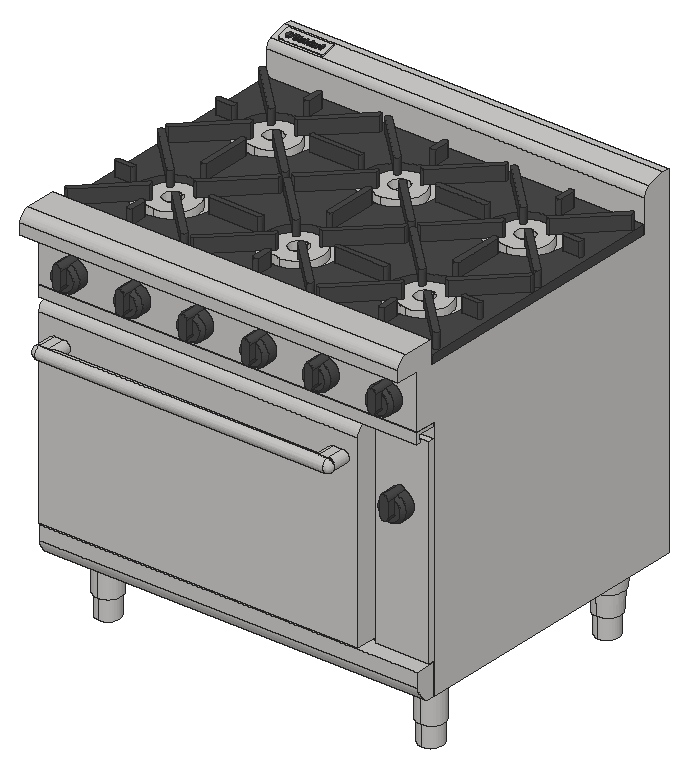
Revit family "QF_MOFFAT WALDORF_RNL8610G", category Specialty Equipment, Revit 2012
Parameters
  Width = 900 mm
  Weight in Pounds = 209
  URL Cutsheet = "www.moffat.com"
  URL = "www.moffat.com"
  Type Mark [instance] = ""
  Status [instance] = ""
  Specification by User [instance] = ""
  Specification by Manufacturer = ""
  Show Clearance [instance] = yes
  Serial Number = ""
  Seismic Rating = ""
  SMACNA No = ""
  Revision Code [instance] = ""
  Omniclass Number and Title = ""
  NAFEM Spec ID Number = ""
  Model = "RNL8610G"
  Mechanical Remarks = ""
  Mechanical Connection Type [instance] = ""
  Masterspec = ""
  Manufacturer = "MOFFAT WALDORF"
  Item Number [instance] = ""
  Installed By [instance] = ""
  Identify Quantity as Lot [instance] = yes
  Height = 970 mm
  Gas Size = 3/4"
  Gas RI Height [instance] = 0 mm
  Gas KW [instance] = 55
  Gas Input [instance] = 187668.0 Btu/h
  Gas Connection Height = 0 mm
  Furnished By [instance] = ""
  Foodservice Equipment Identifier [instance] = yes
  Description = "RANGE LOW SPLASHBACK GAS WITH STATIC OVEN"
  Depth = 805 mm
  CSI MasterFormat = ""
  CSI Master Format = ""
  Body Finish = QF_Finishes_Stainless Steel
Reference planes
  plane 1 "BACK": y = 0
  plane 2: z = 0
  plane 3 "LEFT": x = 0
  plane 4 "RIGHT": x = 900
  plane 5 "FRONT": y = -805
  plane 6 "TOP": z = 970
  plane 7 "Center Y": x = 450
  plane 8 "Center X": y = -402.5
  plane 9: x = 280
  plane 10: y = -574.272
  plane 11: x = 60
  plane 12: y = -304.972
  plane 13: y = -364.972
  plane 14: x = 74
  plane 15: y = -805
  plane 16: x = 834.5
  plane 17: y = -32
  plane 18: z = 655
  plane 19: x = 65.8
Forms (mm)
  Extrusion 1, solid, material "QF_Finishes_Stainless Steel" <- "Body Finish"
    sketch origin (0, 0, 0) x (0, 1, 0) y (0, 0, 1)
      loop
        line (0, 150) -> (0, 970) -> (-16.5, 970) -> (-58.709, 958.69)
        arc (-58.709, 958.69) -> (-66.975, 950.425) -> (-70, 939.134) r 22.582
        line (-70, 939.134) -> (-70, 861.8) -> (-709, 861.8) -> (-709, 915) -> (-781, 915)
        arc (-781, 915) -> (-797.971, 907.971) -> (-805, 891) r 24
        line (-805, 891) -> (-805, 866) -> (-749, 866) -> (-749, 736.219) -> (-696.73, 736.219) -> (-696.73, 150) -> (0, 150)
      loop
        line (-700.93, 150.071) -> (-700.93, 222.5) -> (-746.73, 222.5) -> (-746.73, 188)
        arc (-746.73, 188) -> (-731.317, 159.995) -> (-700.93, 150.071) r 43.526
      loop
        line (-749, 710) -> (-740.224, 710) -> (-742.613, 726.999) -> (-700.93, 726.999) -> (-700.93, 734.003) -> (-749, 734.003) -> (-749, 710)
    from 0 to 900
  Extrusion 2, solid, material "QF_Finishes_Stainless Steel"
    sketch origin (0, 0, 0) x (0, 1, 0) y (0, 0, 1)
      loop
        line (-699, 700) -> (-725, 700)
        arc (-725, 700) -> (-741.971, 692.971) -> (-749, 676) r 24
        line (-749, 676) -> (-749, 227.5) -> (-699, 227.5) -> (-699, 700)
    from 0 to 760
  Extrusion 3, solid, material "QF_Finishes_Stainless Steel"
    sketch origin (723.5, 0, 0) x (0, 1, 0) y (0, 0, 1)
      loop
        line (-699, 700) -> (-714, 700) -> (-714, 227.5) -> (-699, 227.5) -> (-699, 700)
    from 51.5 to 176.5
  Revolve 4, solid, material "QF_Finishes_Stainless Steel" <- "Body Finish"
    sketch origin (834.5, -165, 0) x (0, 1, 0) y (0, 0, -1)
      loop
        line (33.25, -50) -> (31.418, -102.468) -> (26.406, -102.468) -> (22.247, -150) -> (65, -150) -> (65, 0) -> (37.5, 0) -> (37.5, -50) -> (33.25, -50)
      axis (65, -150) -> (65, 0)
    angle from 0 to 360
  Revolve 5, solid, material "QF_Finishes_Stainless Steel" <- "Body Finish"
    sketch origin (834.5, -696.126, 0) x (0, 1, 0) y (0, 0, -1)
      loop
        line (39.376, -150) -> (71.126, -150) -> (71.126, 0) -> (43.626, 0) -> (43.626, -50) -> (39.376, -50) -> (39.376, -150)
      axis (71.126, -150) -> (71.126, 0)
    angle from 0 to 360
  Revolve 6, solid, material "QF_Finishes_Stainless Steel" <- "Body Finish"
    sketch origin (65.5, -165, 0) x (0, 1, 0) y (0, 0, 1)
      loop
        line (31.418, 102.468) -> (33.25, 50) -> (37.5, 50) -> (37.5, 0) -> (65, 0) -> (65, 150) -> (22.247, 150) -> (26.406, 102.468) -> (31.418, 102.468)
      axis (65, 150) -> (65, 0)
    angle from 0 to 360
  Revolve 7, solid, material "QF_Finishes_Stainless Steel" <- "Body Finish"
    sketch origin (65.5, -696.126, 0) x (0, 1, 0) y (0, 0, 1)
      loop
        line (39.376, 150) -> (39.376, 50) -> (43.626, 50) -> (43.626, 0) -> (71.126, 0) -> (71.126, 150) -> (39.376, 150)
      axis (71.126, 150) -> (71.126, 0)
    angle from 0 to 360
  Extrusion 8, solid, material "QF_Finishes_Stainless Steel"
    sketch origin (-64.5, 0, 325) x (1, 0, 0) y (0, 1, 0)
      loop
        circle (834.5, -32) r 10
    from 330 to 371
  Extrusion 9, solid, material "QF_Finishes_Black"
    sketch origin (0, -70, 861.8) x (0, -1, 0) y (1, 0, 0)
      loop
        arc (1, 4) -> (1.879, 1.879) -> (4, 1) r 3
        line (4, 1) -> (631, 1)
        arc (631, 1) -> (633.121, 1.879) -> (634, 4) r 3
        line (634, 4) -> (634, 897)
        arc (634, 897) -> (633.121, 899.121) -> (631, 900) r 3
        line (631, 900) -> (4, 900)
        arc (4, 900) -> (1.879, 899.121) -> (1, 897) r 3
        line (1, 897) -> (1, 4)
      loop
        circle (167.5, 150) r 85
      loop
        circle (167.5, 450) r 85
      loop
        circle (467.768, 150) r 85
      loop
        circle (467.768, 450) r 85
      loop
        circle (167.5, 750) r 85
      loop
        circle (467.768, 750) r 85
    from 0 to 19.5
  Revolve 10, solid, material "QF_Finishes_Black"
    sketch origin (839.351, 38.874, -0.118) x (0, 1, 0) y (0, 0, 1)
      loop
        line (-820.874, 829.5) -> (-831.874, 823.651) -> (-831.874, 797) -> (-787.874, 797) -> (-787.874, 802) -> (-797.874, 802) -> (-797.874, 829.5) -> (-820.874, 829.5)
      axis (-831.874, 797) -> (-787.874, 797)
    angle from 0 to 360
  Revolve 11, solid, material "QF_Finishes_Black"
    sketch origin (689.351, 38.874, -0.118) x (0, 1, 0) y (0, 0, 1)
      loop
        line (-820.874, 829.5) -> (-831.874, 823.651) -> (-831.874, 797) -> (-787.874, 797) -> (-787.874, 802) -> (-797.874, 802) -> (-797.874, 829.5) -> (-820.874, 829.5)
      axis (-831.874, 797) -> (-787.874, 797)
    angle from 0 to 360
  Revolve 12, solid, material "QF_Finishes_Black"
    sketch origin (90.649, 38.874, -0.118) x (0, 1, 0) y (0, 0, -1)
      loop
        line (-820.874, -829.5) -> (-797.874, -829.5) -> (-797.874, -802) -> (-787.874, -802) -> (-787.874, -797) -> (-831.874, -797) -> (-831.874, -823.651) -> (-820.874, -829.5)
      axis (-831.874, -797) -> (-787.874, -797)
    angle from 0 to 360
  Revolve 13, solid, material "QF_Finishes_Black"
    sketch origin (240.649, 38.874, -0.118) x (0, 1, 0) y (0, 0, -1)
      loop
        line (-820.874, -829.5) -> (-797.874, -829.5) -> (-797.874, -802) -> (-787.874, -802) -> (-787.874, -797) -> (-831.874, -797) -> (-831.874, -823.651) -> (-820.874, -829.5)
      axis (-831.874, -797) -> (-787.874, -797)
    angle from 0 to 360
  Revolve 14, solid, material "QF_Finishes_Black"
    sketch origin (390.625, 38.874, -0.118) x (0, 1, 0) y (0, 0, -1)
      loop
        line (-820.874, -829.5) -> (-797.874, -829.5) -> (-797.874, -802) -> (-787.874, -802) -> (-787.874, -797) -> (-831.874, -797) -> (-831.874, -823.651) -> (-820.874, -829.5)
      axis (-831.874, -797) -> (-787.874, -797)
    angle from 0 to 360
  Extrusion 15, solid, material "QF_Finishes_Black"
    sketch origin (238.456, 0, -0.118) x (-1, 0, 0) y (0, 0, -1)
      loop
        arc (158.3, -789) -> (148.3, -779) -> (138.3, -789) r 10
        line (138.3, -789) -> (138.3, -824)
        arc (138.3, -824) -> (148.3, -834) -> (158.3, -824) r 10
        line (158.3, -824) -> (158.3, -789)
    from 759 to 808
  Extrusion 16, solid, material "QF_Finishes_Black"
    sketch origin (388.456, 0, -0.118) x (-1, 0, 0) y (0, 0, -1)
      loop
        arc (158.3, -789) -> (148.3, -779) -> (138.3, -789) r 10
        line (138.3, -789) -> (138.3, -824)
        arc (138.3, -824) -> (148.3, -834) -> (158.3, -824) r 10
        line (158.3, -824) -> (158.3, -789)
    from 759 to 808
  Extrusion 17, solid, material "QF_Finishes_Black"
    sketch origin (691.544, 0, -0.118) x (1, 0, 0) y (0, 0, 1)
      loop
        line (158.3, 789) -> (158.3, 824)
        arc (158.3, 824) -> (148.3, 834) -> (138.3, 824) r 10
        line (138.3, 824) -> (138.3, 789)
        arc (138.3, 789) -> (148.3, 779) -> (158.3, 789) r 10
    from 759 to 808
  Extrusion 18, solid, material "QF_Finishes_Black"
    sketch origin (541.544, 0, -0.118) x (1, 0, 0) y (0, 0, 1)
      loop
        line (158.3, 789) -> (158.3, 824)
        arc (158.3, 824) -> (148.3, 834) -> (138.3, 824) r 10
        line (138.3, 824) -> (138.3, 789)
        arc (138.3, 789) -> (148.3, 779) -> (158.3, 789) r 10
    from 759 to 808
  Extrusion 19, solid, material "QF_Finishes_Black"
    sketch origin (538.432, 0, -0.118) x (-1, 0, 0) y (0, 0, -1)
      loop
        arc (158.3, -789) -> (148.3, -779) -> (138.3, -789) r 10
        line (138.3, -789) -> (138.3, -824)
        arc (138.3, -824) -> (148.3, -834) -> (158.3, -824) r 10
        line (158.3, -824) -> (158.3, -789)
    from 759 to 808
  Extrusion 20, solid, material "QF_Finishes_Black"
    sketch origin (688.432, 0, -0.118) x (-1, 0, 0) y (0, 0, -1)
      loop
        arc (158.3, -789) -> (148.3, -779) -> (138.3, -789) r 10
        line (138.3, -789) -> (138.3, -824)
        arc (138.3, -824) -> (148.3, -834) -> (158.3, -824) r 10
        line (158.3, -824) -> (158.3, -789)
    from 759 to 808
  Revolve 21, solid, material "QF_Finishes_Black"
    sketch origin (836.851, 78.874, -245.743) x (0, 1, 0) y (0, 0, 1)
      loop
        line (-820.874, 829.5) -> (-831.874, 823.651) -> (-831.874, 797) -> (-787.874, 797) -> (-787.874, 802) -> (-797.874, 802) -> (-797.874, 829.5) -> (-820.874, 829.5)
      axis (-831.874, 797) -> (-787.874, 797)
    angle from 0 to 360
  Extrusion 22, solid, material "QF_Finishes_Black"
    sketch origin (689.044, 40, -245.743) x (1, 0, 0) y (0, 0, 1)
      loop
        line (158.3, 789) -> (158.3, 824)
        arc (158.3, 824) -> (148.3, 834) -> (138.3, 824) r 10
        line (138.3, 824) -> (138.3, 789)
        arc (138.3, 789) -> (148.3, 779) -> (158.3, 789) r 10
    from 759 to 808
  Extrusion 23, solid, material "QF_Door-Drawer Clearances", visible <- "Show Clearance", detail levels coarse
    sketch origin (0, 0, 0) x (0, -1, 0) y (0, 0, 1)
      loop
        line (749, 697.347) -> (749, 227.5) -> (1218.847, 227.5)
        arc (1218.847, 227.5) -> (1081.232, 559.732) -> (749, 697.347) r 469.847
    from 0 to -760
  Extrusion 24, solid, material "QF_Finishes_Black"
    sketch origin (0, -70, 0) x (0, -1, 0) y (1, 0, 0)
      loop
        spline (323.602, 15.153) -> (322.681, 13.924) -> (322.131, 12.47) -> (321.99, 10.89) -> (322.267, 9.292) -> (322.943, 7.786) -> (323.973, 6.473) -> (325.286, 5.443) -> (326.792, 4.767) -> (328.39, 4.49) -> (329.97, 4.631) -> (331.424, 5.181) -> (332.653, 6.102)
        line (332.653, 6.102) -> (440.576, 114.025)
        spline (440.576, 114.025) -> (441.337, 115.095) -> (441.738, 116.399) -> (441.751, 117.851) -> (441.375, 119.35) -> (440.637, 120.795) -> (439.586, 122.086) -> (438.295, 123.137) -> (436.85, 123.875) -> (435.351, 124.251) -> (433.899, 124.238) -> (432.595, 123.837) -> (431.525, 123.076)
        line (431.525, 123.076) -> (323.602, 15.153)
      loop
        line (611.398, 15.153) -> (503.475, 123.076)
        spline (503.475, 123.076) -> (502.405, 123.837) -> (501.101, 124.238) -> (499.649, 124.251) -> (498.15, 123.875) -> (496.705, 123.137) -> (495.414, 122.086) -> (494.363, 120.795) -> (493.625, 119.35) -> (493.249, 117.851) -> (493.262, 116.399) -> (493.663, 115.095) -> (494.424, 114.025)
        line (494.424, 114.025) -> (602.347, 6.102)
        spline (602.347, 6.102) -> (603.416, 5.341) -> (604.721, 4.941) -> (606.172, 4.928) -> (607.671, 5.303) -> (609.116, 6.041) -> (610.408, 7.092) -> (611.459, 8.384) -> (612.197, 9.829) -> (612.572, 11.328) -> (612.559, 12.779) -> (612.159, 14.084) -> (611.398, 15.153)
      loop
        spline (375.602, 143.6) -> (376.896, 143.818) -> (378.102, 144.457) -> (379.138, 145.475) -> (379.932, 146.8) -> (380.432, 148.344) -> (380.602, 150) -> (380.432, 151.656) -> (379.932, 153.2) -> (379.138, 154.525) -> (378.102, 155.543) -> (376.896, 156.182) -> (375.602, 156.4)
        line (375.602, 156.4) -> (259.398, 156.4)
        spline (259.398, 156.4) -> (258.104, 156.182) -> (256.898, 155.543) -> (255.862, 154.525) -> (255.068, 153.2) -> (254.568, 151.656) -> (254.398, 150) -> (254.568, 148.344) -> (255.068, 146.8) -> (255.862, 145.475) -> (256.898, 144.457) -> (258.104, 143.818) -> (259.398, 143.6)
        line (259.398, 143.6) -> (375.602, 143.6)
      loop
        spline (23.602, 15.153) -> (22.681, 13.924) -> (22.131, 12.47) -> (21.99, 10.89) -> (22.267, 9.292) -> (22.943, 7.786) -> (23.973, 6.473) -> (25.286, 5.443) -> (26.792, 4.767) -> (28.39, 4.49) -> (29.97, 4.631) -> (31.424, 5.181) -> (32.653, 6.102)
        line (32.653, 6.102) -> (140.576, 114.025)
        spline (140.576, 114.025) -> (141.337, 115.095) -> (141.738, 116.399) -> (141.751, 117.851) -> (141.375, 119.35) -> (140.637, 120.795) -> (139.586, 122.086) -> (138.295, 123.137) -> (136.85, 123.875) -> (135.351, 124.251) -> (133.899, 124.238) -> (132.595, 123.837) -> (131.525, 123.076)
        line (131.525, 123.076) -> (23.602, 15.153)
      loop
        line (311.398, 15.153) -> (203.475, 123.076)
        spline (203.475, 123.076) -> (202.405, 123.837) -> (201.101, 124.238) -> (199.649, 124.251) -> (198.15, 123.875) -> (196.705, 123.137) -> (195.414, 122.086) -> (194.363, 120.795) -> (193.625, 119.35) -> (193.249, 117.851) -> (193.262, 116.399) -> (193.663, 115.095) -> (194.424, 114.025)
        line (194.424, 114.025) -> (302.347, 6.102)
        spline (302.347, 6.102) -> (303.416, 5.341) -> (304.721, 4.941) -> (306.172, 4.928) -> (307.671, 5.303) -> (309.116, 6.041) -> (310.408, 7.092) -> (311.459, 8.384) -> (312.197, 9.829) -> (312.572, 11.328) -> (312.559, 12.779) -> (312.159, 14.084) -> (311.398, 15.153)
      loop
        line (323.602, 284.847) -> (431.525, 176.924)
        spline (431.525, 176.924) -> (432.595, 176.163) -> (433.899, 175.762) -> (435.351, 175.749) -> (436.85, 176.125) -> (438.295, 176.863) -> (439.586, 177.914) -> (440.637, 179.205) -> (441.375, 180.65) -> (441.751, 182.149) -> (441.738, 183.601) -> (441.337, 184.905) -> (440.576, 185.975)
        line (440.576, 185.975) -> (332.653, 293.898)
        spline (332.653, 293.898) -> (331.424, 294.819) -> (329.97, 295.369) -> (328.39, 295.51) -> (326.792, 295.233) -> (325.286, 294.557) -> (323.973, 293.527) -> (322.943, 292.214) -> (322.267, 290.708) -> (321.99, 289.11) -> (322.131, 287.53) -> (322.681, 286.076) -> (323.602, 284.847)
      loop
        spline (611.398, 284.847) -> (612.159, 285.916) -> (612.559, 287.221) -> (612.572, 288.672) -> (612.197, 290.171) -> (611.459, 291.616) -> (610.408, 292.908) -> (609.116, 293.959) -> (607.671, 294.697) -> (606.172, 295.072) -> (604.721, 295.059) -> (603.416, 294.659) -> (602.347, 293.898)
        line (602.347, 293.898) -> (494.424, 185.975)
        spline (494.424, 185.975) -> (493.663, 184.905) -> (493.262, 183.601) -> (493.249, 182.149) -> (493.625, 180.65) -> (494.363, 179.205) -> (495.414, 177.914) -> (496.705, 176.863) -> (498.15, 176.125) -> (499.649, 175.749) -> (501.101, 175.762) -> (502.405, 176.163) -> (503.475, 176.924)
        line (503.475, 176.924) -> (611.398, 284.847)
      loop
        spline (461.1, 241.898) -> (461.318, 240.604) -> (461.957, 239.398) -> (462.975, 238.362) -> (464.3, 237.568) -> (465.844, 237.068) -> (467.5, 236.898) -> (469.156, 237.068) -> (470.7, 237.568) -> (472.025, 238.362) -> (473.043, 239.398) -> (473.682, 240.604) -> (473.9, 241.898)
        line (473.9, 241.898) -> (473.9, 358.102)
        spline (473.9, 358.102) -> (473.682, 359.396) -> (473.043, 360.602) -> (472.025, 361.638) -> (470.7, 362.432) -> (469.156, 362.932) -> (467.5, 363.102) -> (465.844, 362.932) -> (464.3, 362.432) -> (462.975, 361.638) -> (461.957, 360.602) -> (461.318, 359.396) -> (461.1, 358.102)
        line (461.1, 358.102) -> (461.1, 241.898)
      loop
        line (23.602, 284.847) -> (131.525, 176.924)
        spline (131.525, 176.924) -> (132.595, 176.163) -> (133.899, 175.762) -> (135.351, 175.749) -> (136.85, 176.125) -> (138.295, 176.863) -> (139.586, 177.914) -> (140.637, 179.205) -> (141.375, 180.65) -> (141.751, 182.149) -> (141.738, 183.601) -> (141.337, 184.905) -> (140.576, 185.975)
        line (140.576, 185.975) -> (32.653, 293.898)
        spline (32.653, 293.898) -> (31.424, 294.819) -> (29.97, 295.369) -> (28.39, 295.51) -> (26.792, 295.233) -> (25.286, 294.557) -> (23.973, 293.527) -> (22.943, 292.214) -> (22.267, 290.708) -> (21.99, 289.11) -> (22.131, 287.53) -> (22.681, 286.076) -> (23.602, 284.847)
      loop
        spline (311.398, 284.847) -> (312.159, 285.916) -> (312.559, 287.221) -> (312.572, 288.672) -> (312.197, 290.171) -> (311.459, 291.616) -> (310.408, 292.908) -> (309.116, 293.959) -> (307.671, 294.697) -> (306.172, 295.072) -> (304.721, 295.059) -> (303.416, 294.659) -> (302.347, 293.898)
        line (302.347, 293.898) -> (194.424, 185.975)
        spline (194.424, 185.975) -> (193.663, 184.905) -> (193.262, 183.601) -> (193.249, 182.149) -> (193.625, 180.65) -> (194.363, 179.205) -> (195.414, 177.914) -> (196.705, 176.863) -> (198.15, 176.125) -> (199.649, 175.749) -> (201.101, 175.762) -> (202.405, 176.163) -> (203.475, 176.924)
        line (203.475, 176.924) -> (311.398, 284.847)
      loop
        spline (161.1, 241.898) -> (161.318, 240.604) -> (161.957, 239.398) -> (162.975, 238.362) -> (164.3, 237.568) -> (165.844, 237.068) -> (167.5, 236.898) -> (169.156, 237.068) -> (170.7, 237.568) -> (172.025, 238.362) -> (173.043, 239.398) -> (173.682, 240.604) -> (173.9, 241.898)
        line (173.9, 241.898) -> (173.9, 358.102)
        spline (173.9, 358.102) -> (173.682, 359.396) -> (173.043, 360.602) -> (172.025, 361.638) -> (170.7, 362.432) -> (169.156, 362.932) -> (167.5, 363.102) -> (165.844, 362.932) -> (164.3, 362.432) -> (162.975, 361.638) -> (161.957, 360.602) -> (161.318, 359.396) -> (161.1, 358.102)
        line (161.1, 358.102) -> (161.1, 241.898)
      loop
        line (375.602, 456.4) -> (259.398, 456.4)
        spline (259.398, 456.4) -> (258.104, 456.182) -> (256.898, 455.543) -> (255.862, 454.525) -> (255.068, 453.2) -> (254.568, 451.656) -> (254.398, 450) -> (254.568, 448.344) -> (255.068, 446.8) -> (255.862, 445.475) -> (256.898, 444.457) -> (258.104, 443.818) -> (259.398, 443.6)
        line (259.398, 443.6) -> (375.602, 443.6)
        spline (375.602, 443.6) -> (376.896, 443.818) -> (378.102, 444.457) -> (379.138, 445.475) -> (379.932, 446.8) -> (380.432, 448.344) -> (380.602, 450) -> (380.432, 451.656) -> (379.932, 453.2) -> (379.138, 454.525) -> (378.102, 455.543) -> (376.896, 456.182) -> (375.602, 456.4)
      loop
        spline (323.602, 315.153) -> (322.681, 313.924) -> (322.131, 312.47) -> (321.99, 310.89) -> (322.267, 309.292) -> (322.943, 307.786) -> (323.973, 306.473) -> (325.286, 305.443) -> (326.792, 304.767) -> (328.39, 304.49) -> (329.97, 304.631) -> (331.424, 305.181) -> (332.653, 306.102)
        line (332.653, 306.102) -> (440.576, 414.025)
        spline (440.576, 414.025) -> (441.337, 415.095) -> (441.738, 416.399) -> (441.751, 417.851) -> (441.375, 419.35) -> (440.637, 420.795) -> (439.586, 422.086) -> (438.295, 423.137) -> (436.85, 423.875) -> (435.351, 424.251) -> (433.899, 424.238) -> (432.595, 423.837) -> (431.525, 423.076)
        line (431.525, 423.076) -> (323.602, 315.153)
      loop
        line (611.398, 315.153) -> (503.475, 423.076)
        spline (503.475, 423.076) -> (502.405, 423.837) -> (501.101, 424.238) -> (499.649, 424.251) -> (498.15, 423.875) -> (496.705, 423.137) -> (495.414, 422.086) -> (494.363, 420.795) -> (493.625, 419.35) -> (493.249, 417.851) -> (493.262, 416.399) -> (493.663, 415.095) -> (494.424, 414.025)
        line (494.424, 414.025) -> (602.347, 306.102)
        spline (602.347, 306.102) -> (603.416, 305.341) -> (604.721, 304.941) -> (606.172, 304.928) -> (607.671, 305.303) -> (609.116, 306.041) -> (610.408, 307.092) -> (611.459, 308.384) -> (612.197, 309.829) -> (612.572, 311.328) -> (612.559, 312.779) -> (612.159, 314.084) -> (611.398, 315.153)
      loop
        spline (23.602, 315.153) -> (22.681, 313.924) -> (22.131, 312.47) -> (21.99, 310.89) -> (22.267, 309.292) -> (22.943, 307.786) -> (23.973, 306.473) -> (25.286, 305.443) -> (26.792, 304.767) -> (28.39, 304.49) -> (29.97, 304.631) -> (31.424, 305.181) -> (32.653, 306.102)
        line (32.653, 306.102) -> (140.576, 414.025)
        spline (140.576, 414.025) -> (141.337, 415.095) -> (141.738, 416.399) -> (141.751, 417.851) -> (141.375, 419.35) -> (140.637, 420.795) -> (139.586, 422.086) -> (138.295, 423.137) -> (136.85, 423.875) -> (135.351, 424.251) -> (133.899, 424.238) -> (132.595, 423.837) -> (131.525, 423.076)
        line (131.525, 423.076) -> (23.602, 315.153)
      loop
        line (311.398, 315.153) -> (203.475, 423.076)
        spline (203.475, 423.076) -> (202.405, 423.837) -> (201.101, 424.238) -> (199.649, 424.251) -> (198.15, 423.875) -> (196.705, 423.137) -> (195.414, 422.086) -> (194.363, 420.795) -> (193.625, 419.35) -> (193.249, 417.851) -> (193.262, 416.399) -> (193.663, 415.095) -> (194.424, 414.025)
        line (194.424, 414.025) -> (302.347, 306.102)
        spline (302.347, 306.102) -> (303.416, 305.341) -> (304.721, 304.941) -> (306.172, 304.928) -> (307.671, 305.303) -> (309.116, 306.041) -> (310.408, 307.092) -> (311.459, 308.384) -> (312.197, 309.829) -> (312.572, 311.328) -> (312.559, 312.779) -> (312.159, 314.084) -> (311.398, 315.153)
      loop
        line (323.602, 584.847) -> (431.525, 476.924)
        spline (431.525, 476.924) -> (432.595, 476.163) -> (433.899, 475.762) -> (435.351, 475.749) -> (436.85, 476.125) -> (438.295, 476.863) -> (439.586, 477.914) -> (440.637, 479.205) -> (441.375, 480.65) -> (441.751, 482.149) -> (441.738, 483.601) -> (441.337, 484.905) -> (440.576, 485.975)
        line (440.576, 485.975) -> (332.653, 593.898)
        spline (332.653, 593.898) -> (331.424, 594.819) -> (329.97, 595.369) -> (328.39, 595.51) -> (326.792, 595.233) -> (325.286, 594.557) -> (323.973, 593.527) -> (322.943, 592.214) -> (322.267, 590.708) -> (321.99, 589.11) -> (322.131, 587.53) -> (322.681, 586.076) -> (323.602, 584.847)
      loop
        spline (611.398, 584.847) -> (612.159, 585.916) -> (612.559, 587.221) -> (612.572, 588.672) -> (612.197, 590.171) -> (611.459, 591.616) -> (610.408, 592.908) -> (609.116, 593.959) -> (607.671, 594.697) -> (606.172, 595.072) -> (604.721, 595.059) -> (603.416, 594.659) -> (602.347, 593.898)
        line (602.347, 593.898) -> (494.424, 485.975)
        spline (494.424, 485.975) -> (493.663, 484.905) -> (493.262, 483.601) -> (493.249, 482.149) -> (493.625, 480.65) -> (494.363, 479.205) -> (495.414, 477.914) -> (496.705, 476.863) -> (498.15, 476.125) -> (499.649, 475.749) -> (501.101, 475.762) -> (502.405, 476.163) -> (503.475, 476.924)
        line (503.475, 476.924) -> (611.398, 584.847)
      loop
        line (23.602, 584.847) -> (131.525, 476.924)
        spline (131.525, 476.924) -> (132.595, 476.163) -> (133.899, 475.762) -> (135.351, 475.749) -> (136.85, 476.125) -> (138.295, 476.863) -> (139.586, 477.914) -> (140.637, 479.205) -> (141.375, 480.65) -> (141.751, 482.149) -> (141.738, 483.601) -> (141.337, 484.905) -> (140.576, 485.975)
        line (140.576, 485.975) -> (32.653, 593.898)
        spline (32.653, 593.898) -> (31.424, 594.819) -> (29.97, 595.369) -> (28.39, 595.51) -> (26.792, 595.233) -> (25.286, 594.557) -> (23.973, 593.527) -> (22.943, 592.214) -> (22.267, 590.708) -> (21.99, 589.11) -> (22.131, 587.53) -> (22.681, 586.076) -> (23.602, 584.847)
      loop
        spline (311.398, 584.847) -> (312.159, 585.916) -> (312.559, 587.221) -> (312.572, 588.672) -> (312.197, 590.171) -> (311.459, 591.616) -> (310.408, 592.908) -> (309.116, 593.959) -> (307.671, 594.697) -> (306.172, 595.072) -> (304.721, 595.059) -> (303.416, 594.659) -> (302.347, 593.898)
        line (302.347, 593.898) -> (194.424, 485.975)
        spline (194.424, 485.975) -> (193.663, 484.905) -> (193.262, 483.601) -> (193.249, 482.149) -> (193.625, 480.65) -> (194.363, 479.205) -> (195.414, 477.914) -> (196.705, 476.863) -> (198.15, 476.125) -> (199.649, 475.749) -> (201.101, 475.762) -> (202.405, 476.163) -> (203.475, 476.924)
        line (203.475, 476.924) -> (311.398, 584.847)
      loop
        spline (461.1, 541.898) -> (461.318, 540.604) -> (461.957, 539.398) -> (462.975, 538.362) -> (464.3, 537.568) -> (465.844, 537.068) -> (467.5, 536.898) -> (469.156, 537.068) -> (470.7, 537.568) -> (472.025, 538.362) -> (473.043, 539.398) -> (473.682, 540.604) -> (473.9, 541.898)
        line (473.9, 541.898) -> (473.9, 658.102)
        spline (473.9, 658.102) -> (473.682, 659.396) -> (473.043, 660.602) -> (472.025, 661.638) -> (470.7, 662.432) -> (469.156, 662.932) -> (467.5, 663.102) -> (465.844, 662.932) -> (464.3, 662.432) -> (462.975, 661.638) -> (461.957, 660.602) -> (461.318, 659.396) -> (461.1, 658.102)
        line (461.1, 658.102) -> (461.1, 541.898)
      loop
        spline (161.1, 541.898) -> (161.318, 540.604) -> (161.957, 539.398) -> (162.975, 538.362) -> (164.3, 537.568) -> (165.844, 537.068) -> (167.5, 536.898) -> (169.156, 537.068) -> (170.7, 537.568) -> (172.025, 538.362) -> (173.043, 539.398) -> (173.682, 540.604) -> (173.9, 541.898)
        line (173.9, 541.898) -> (173.9, 658.102)
        spline (173.9, 658.102) -> (173.682, 659.396) -> (173.043, 660.602) -> (172.025, 661.638) -> (170.7, 662.432) -> (169.156, 662.932) -> (167.5, 663.102) -> (165.844, 662.932) -> (164.3, 662.432) -> (162.975, 661.638) -> (161.957, 660.602) -> (161.318, 659.396) -> (161.1, 658.102)
        line (161.1, 658.102) -> (161.1, 541.898)
      loop
        line (375.602, 756.4) -> (259.398, 756.4)
        spline (259.398, 756.4) -> (258.104, 756.182) -> (256.898, 755.543) -> (255.862, 754.525) -> (255.068, 753.2) -> (254.568, 751.656) -> (254.398, 750) -> (254.568, 748.344) -> (255.068, 746.8) -> (255.862, 745.475) -> (256.898, 744.457) -> (258.104, 743.818) -> (259.398, 743.6)
        line (259.398, 743.6) -> (375.602, 743.6)
        spline (375.602, 743.6) -> (376.896, 743.818) -> (378.102, 744.457) -> (379.138, 745.475) -> (379.932, 746.8) -> (380.432, 748.344) -> (380.602, 750) -> (380.432, 751.656) -> (379.932, 753.2) -> (379.138, 754.525) -> (378.102, 755.543) -> (376.896, 756.182) -> (375.602, 756.4)
      loop
        spline (323.602, 615.153) -> (322.681, 613.924) -> (322.131, 612.47) -> (321.99, 610.89) -> (322.267, 609.292) -> (322.943, 607.786) -> (323.973, 606.473) -> (325.286, 605.443) -> (326.792, 604.767) -> (328.39, 604.49) -> (329.97, 604.631) -> (331.424, 605.181) -> (332.653, 606.102)
        line (332.653, 606.102) -> (440.576, 714.025)
        spline (440.576, 714.025) -> (441.337, 715.095) -> (441.738, 716.399) -> (441.751, 717.851) -> (441.375, 719.35) -> (440.637, 720.795) -> (439.586, 722.086) -> (438.295, 723.137) -> (436.85, 723.875) -> (435.351, 724.251) -> (433.899, 724.238) -> (432.595, 723.837) -> (431.525, 723.076)
        line (431.525, 723.076) -> (323.602, 615.153)
      loop
        line (611.398, 615.153) -> (503.475, 723.076)
        spline (503.475, 723.076) -> (502.405, 723.837) -> (501.101, 724.238) -> (499.649, 724.251) -> (498.15, 723.875) -> (496.705, 723.137) -> (495.414, 722.086) -> (494.363, 720.795) -> (493.625, 719.35) -> (493.249, 717.851) -> (493.262, 716.399) -> (493.663, 715.095) -> (494.424, 714.025)
        line (494.424, 714.025) -> (602.347, 606.102)
        spline (602.347, 606.102) -> (603.416, 605.341) -> (604.721, 604.941) -> (606.172, 604.928) -> (607.671, 605.303) -> (609.116, 606.041) -> (610.408, 607.092) -> (611.459, 608.384) -> (612.197, 609.829) -> (612.572, 611.328) -> (612.559, 612.779) -> (612.159, 614.084) -> (611.398, 615.153)
      loop
        spline (23.602, 615.153) -> (22.681, 613.924) -> (22.131, 612.47) -> (21.99, 610.89) -> (22.267, 609.292) -> (22.943, 607.786) -> (23.973, 606.473) -> (25.286, 605.443) -> (26.792, 604.767) -> (28.39, 604.49) -> (29.97, 604.631) -> (31.424, 605.181) -> (32.653, 606.102)
        line (32.653, 606.102) -> (140.576, 714.025)
        spline (140.576, 714.025) -> (141.337, 715.095) -> (141.738, 716.399) -> (141.751, 717.851) -> (141.375, 719.35) -> (140.637, 720.795) -> (139.586, 722.086) -> (138.295, 723.137) -> (136.85, 723.875) -> (135.351, 724.251) -> (133.899, 724.238) -> (132.595, 723.837) -> (131.525, 723.076)
        line (131.525, 723.076) -> (23.602, 615.153)
      loop
        line (311.398, 615.153) -> (203.475, 723.076)
        spline (203.475, 723.076) -> (202.405, 723.837) -> (201.101, 724.238) -> (199.649, 724.251) -> (198.15, 723.875) -> (196.705, 723.137) -> (195.414, 722.086) -> (194.363, 720.795) -> (193.625, 719.35) -> (193.249, 717.851) -> (193.262, 716.399) -> (193.663, 715.095) -> (194.424, 714.025)
        line (194.424, 714.025) -> (302.347, 606.102)
        spline (302.347, 606.102) -> (303.416, 605.341) -> (304.721, 604.941) -> (306.172, 604.928) -> (307.671, 605.303) -> (309.116, 606.041) -> (310.408, 607.092) -> (311.459, 608.384) -> (312.197, 609.829) -> (312.572, 611.328) -> (312.559, 612.779) -> (312.159, 614.084) -> (311.398, 615.153)
      loop
        line (323.602, 884.847) -> (431.525, 776.924)
        spline (431.525, 776.924) -> (432.595, 776.163) -> (433.899, 775.762) -> (435.351, 775.749) -> (436.85, 776.125) -> (438.295, 776.863) -> (439.586, 777.914) -> (440.637, 779.205) -> (441.375, 780.65) -> (441.751, 782.149) -> (441.738, 783.601) -> (441.337, 784.905) -> (440.576, 785.975)
        line (440.576, 785.975) -> (332.653, 893.898)
        spline (332.653, 893.898) -> (331.424, 894.819) -> (329.97, 895.369) -> (328.39, 895.51) -> (326.792, 895.233) -> (325.286, 894.557) -> (323.973, 893.527) -> (322.943, 892.214) -> (322.267, 890.708) -> (321.99, 889.11) -> (322.131, 887.53) -> (322.681, 886.076) -> (323.602, 884.847)
      loop
        spline (611.398, 884.847) -> (612.159, 885.916) -> (612.559, 887.221) -> (612.572, 888.672) -> (612.197, 890.171) -> (611.459, 891.616) -> (610.408, 892.908) -> (609.116, 893.959) -> (607.671, 894.697) -> (606.172, 895.072) -> (604.721, 895.059) -> (603.416, 894.659) -> (602.347, 893.898)
        line (602.347, 893.898) -> (494.424, 785.975)
        spline (494.424, 785.975) -> (493.663, 784.905) -> (493.262, 783.601) -> (493.249, 782.149) -> (493.625, 780.65) -> (494.363, 779.205) -> (495.414, 777.914) -> (496.705, 776.863) -> (498.15, 776.125) -> (499.649, 775.749) -> (501.101, 775.762) -> (502.405, 776.163) -> (503.475, 776.924)
        line (503.475, 776.924) -> (611.398, 884.847)
      loop
        line (23.602, 884.847) -> (131.525, 776.924)
        spline (131.525, 776.924) -> (132.595, 776.163) -> (133.899, 775.762) -> (135.351, 775.749) -> (136.85, 776.125) -> (138.295, 776.863) -> (139.586, 777.914) -> (140.637, 779.205) -> (141.375, 780.65) -> (141.751, 782.149) -> (141.738, 783.601) -> (141.337, 784.905) -> (140.576, 785.975)
        line (140.576, 785.975) -> (32.653, 893.898)
        spline (32.653, 893.898) -> (31.424, 894.819) -> (29.97, 895.369) -> (28.39, 895.51) -> (26.792, 895.233) -> (25.286, 894.557) -> (23.973, 893.527) -> (22.943, 892.214) -> (22.267, 890.708) -> (21.99, 889.11) -> (22.131, 887.53) -> (22.681, 886.076) -> (23.602, 884.847)
      loop
        spline (311.398, 884.847) -> (312.159, 885.916) -> (312.559, 887.221) -> (312.572, 888.672) -> (312.197, 890.171) -> (311.459, 891.616) -> (310.408, 892.908) -> (309.116, 893.959) -> (307.671, 894.697) -> (306.172, 895.072) -> (304.721, 895.059) -> (303.416, 894.659) -> (302.347, 893.898)
        line (302.347, 893.898) -> (194.424, 785.975)
        spline (194.424, 785.975) -> (193.663, 784.905) -> (193.262, 783.601) -> (193.249, 782.149) -> (193.625, 780.65) -> (194.363, 779.205) -> (195.414, 777.914) -> (196.705, 776.863) -> (198.15, 776.125) -> (199.649, 775.749) -> (201.101, 775.762) -> (202.405, 776.163) -> (203.475, 776.924)
        line (203.475, 776.924) -> (311.398, 884.847)
      loop
        spline (461.1, 19.118) -> (461.318, 17.824) -> (461.957, 16.618) -> (462.975, 15.582) -> (464.3, 14.788) -> (465.844, 14.288) -> (467.5, 14.118) -> (469.156, 14.288) -> (470.7, 14.788) -> (472.025, 15.582) -> (473.043, 16.618) -> (473.682, 17.824) -> (473.9, 19.118)
        line (473.9, 19.118) -> (473.9, 55.322)
        spline (473.9, 55.322) -> (473.682, 56.616) -> (473.043, 57.822) -> (472.025, 58.858) -> (470.7, 59.652) -> (469.156, 60.152) -> (467.5, 60.322) -> (465.844, 60.152) -> (464.3, 59.652) -> (462.975, 58.858) -> (461.957, 57.822) -> (461.318, 56.616) -> (461.1, 55.322)
        line (461.1, 55.322) -> (461.1, 19.118)
      loop
        spline (161.1, 19.118) -> (161.318, 17.824) -> (161.957, 16.618) -> (162.975, 15.582) -> (164.3, 14.788) -> (165.844, 14.288) -> (167.5, 14.118) -> (169.156, 14.288) -> (170.7, 14.788) -> (172.025, 15.582) -> (173.043, 16.618) -> (173.682, 17.824) -> (173.9, 19.118)
        line (173.9, 19.118) -> (173.9, 55.322)
        spline (173.9, 55.322) -> (173.682, 56.616) -> (173.043, 57.822) -> (172.025, 58.858) -> (170.7, 59.652) -> (169.156, 60.152) -> (167.5, 60.322) -> (165.844, 60.152) -> (164.3, 59.652) -> (162.975, 58.858) -> (161.957, 57.822) -> (161.318, 56.616) -> (161.1, 55.322)
        line (161.1, 55.322) -> (161.1, 19.118)
      loop
        spline (461.1, 844.678) -> (461.318, 843.384) -> (461.957, 842.178) -> (462.975, 841.142) -> (464.3, 840.348) -> (465.844, 839.848) -> (467.5, 839.678) -> (469.156, 839.848) -> (470.7, 840.348) -> (472.025, 841.142) -> (473.043, 842.178) -> (473.682, 843.384) -> (473.9, 844.678)
        line (473.9, 844.678) -> (473.9, 880.882)
        spline (473.9, 880.882) -> (473.682, 882.176) -> (473.043, 883.382) -> (472.025, 884.418) -> (470.7, 885.212) -> (469.156, 885.712) -> (467.5, 885.882) -> (465.844, 885.712) -> (464.3, 885.212) -> (462.975, 884.418) -> (461.957, 883.382) -> (461.318, 882.176) -> (461.1, 880.882)
        line (461.1, 880.882) -> (461.1, 844.678)
      loop
        spline (161.1, 844.678) -> (161.318, 843.384) -> (161.957, 842.178) -> (162.975, 841.142) -> (164.3, 840.348) -> (165.844, 839.848) -> (167.5, 839.678) -> (169.156, 839.848) -> (170.7, 840.348) -> (172.025, 841.142) -> (173.043, 842.178) -> (173.682, 843.384) -> (173.9, 844.678)
        line (173.9, 844.678) -> (173.9, 880.882)
        spline (173.9, 880.882) -> (173.682, 882.176) -> (173.043, 883.382) -> (172.025, 884.418) -> (170.7, 885.212) -> (169.156, 885.712) -> (167.5, 885.882) -> (165.844, 885.712) -> (164.3, 885.212) -> (162.975, 884.418) -> (161.957, 883.382) -> (161.318, 882.176) -> (161.1, 880.882)
        line (161.1, 880.882) -> (161.1, 844.678)
      loop
        spline (68.743, 743.565) -> (70.037, 743.783) -> (71.243, 744.423) -> (72.279, 745.44) -> (73.073, 746.765) -> (73.573, 748.309) -> (73.743, 749.965) -> (73.573, 751.622) -> (73.073, 753.165) -> (72.279, 754.491) -> (71.243, 755.508) -> (70.037, 756.147) -> (68.743, 756.365)
        line (68.743, 756.365) -> (32.539, 756.365)
        spline (32.539, 756.365) -> (31.245, 756.147) -> (30.039, 755.508) -> (29.003, 754.491) -> (28.209, 753.165) -> (27.709, 751.622) -> (27.539, 749.965) -> (27.709, 748.309) -> (28.209, 746.765) -> (29.003, 745.44) -> (30.039, 744.423) -> (31.245, 743.783) -> (32.539, 743.565)
        line (32.539, 743.565) -> (68.743, 743.565)
      loop
        spline (68.743, 443.565) -> (70.037, 443.783) -> (71.243, 444.423) -> (72.279, 445.44) -> (73.073, 446.765) -> (73.573, 448.309) -> (73.743, 449.965) -> (73.573, 451.622) -> (73.073, 453.165) -> (72.279, 454.491) -> (71.243, 455.508) -> (70.037, 456.147) -> (68.743, 456.365)
        line (68.743, 456.365) -> (32.539, 456.365)
        spline (32.539, 456.365) -> (31.245, 456.147) -> (30.039, 455.508) -> (29.003, 454.491) -> (28.209, 453.165) -> (27.709, 451.622) -> (27.539, 449.965) -> (27.709, 448.309) -> (28.209, 446.765) -> (29.003, 445.44) -> (30.039, 444.423) -> (31.245, 443.783) -> (32.539, 443.565)
        line (32.539, 443.565) -> (68.743, 443.565)
      loop
        spline (68.743, 143.565) -> (70.037, 143.783) -> (71.243, 144.423) -> (72.279, 145.44) -> (73.073, 146.765) -> (73.573, 148.309) -> (73.743, 149.965) -> (73.573, 151.622) -> (73.073, 153.165) -> (72.279, 154.491) -> (71.243, 155.508) -> (70.037, 156.147) -> (68.743, 156.365)
        line (68.743, 156.365) -> (32.539, 156.365)
        spline (32.539, 156.365) -> (31.245, 156.147) -> (30.039, 155.508) -> (29.003, 154.491) -> (28.209, 153.165) -> (27.709, 151.622) -> (27.539, 149.965) -> (27.709, 148.309) -> (28.209, 146.765) -> (29.003, 145.44) -> (30.039, 144.423) -> (31.245, 143.783) -> (32.539, 143.565)
        line (32.539, 143.565) -> (68.743, 143.565)
      loop
        spline (596.243, 743.565) -> (597.537, 743.783) -> (598.743, 744.423) -> (599.779, 745.44) -> (600.573, 746.765) -> (601.073, 748.309) -> (601.243, 749.965) -> (601.073, 751.622) -> (600.573, 753.165) -> (599.779, 754.491) -> (598.743, 755.508) -> (597.537, 756.147) -> (596.243, 756.365)
        line (596.243, 756.365) -> (560.039, 756.365)
        spline (560.039, 756.365) -> (558.745, 756.147) -> (557.539, 755.508) -> (556.503, 754.491) -> (555.709, 753.165) -> (555.209, 751.622) -> (555.039, 749.965) -> (555.209, 748.309) -> (555.709, 746.765) -> (556.503, 745.44) -> (557.539, 744.423) -> (558.745, 743.783) -> (560.039, 743.565)
        line (560.039, 743.565) -> (596.243, 743.565)
      loop
        spline (596.243, 443.565) -> (597.537, 443.783) -> (598.743, 444.423) -> (599.779, 445.44) -> (600.573, 446.765) -> (601.073, 448.309) -> (601.243, 449.965) -> (601.073, 451.622) -> (600.573, 453.165) -> (599.779, 454.491) -> (598.743, 455.508) -> (597.537, 456.147) -> (596.243, 456.365)
        line (596.243, 456.365) -> (560.039, 456.365)
        spline (560.039, 456.365) -> (558.745, 456.147) -> (557.539, 455.508) -> (556.503, 454.491) -> (555.709, 453.165) -> (555.209, 451.622) -> (555.039, 449.965) -> (555.209, 448.309) -> (555.709, 446.765) -> (556.503, 445.44) -> (557.539, 444.423) -> (558.745, 443.783) -> (560.039, 443.565)
        line (560.039, 443.565) -> (596.243, 443.565)
      loop
        spline (596.243, 143.565) -> (597.537, 143.783) -> (598.743, 144.423) -> (599.779, 145.44) -> (600.573, 146.765) -> (601.073, 148.309) -> (601.243, 149.965) -> (601.073, 151.622) -> (600.573, 153.165) -> (599.779, 154.491) -> (598.743, 155.508) -> (597.537, 156.147) -> (596.243, 156.365)
        line (596.243, 156.365) -> (560.039, 156.365)
        spline (560.039, 156.365) -> (558.745, 156.147) -> (557.539, 155.508) -> (556.503, 154.491) -> (555.709, 153.165) -> (555.209, 151.622) -> (555.039, 149.965) -> (555.209, 148.309) -> (555.709, 146.765) -> (556.503, 145.44) -> (557.539, 144.423) -> (558.745, 143.783) -> (560.039, 143.565)
        line (560.039, 143.565) -> (596.243, 143.565)
    from 881.3 to 915
  Extrusion 25, void
    sketch origin (0, 0, 220) x (1, 0, 0) y (0, 1, 0)
      loop
        line (824, -87) -> (824, 0) -> (694, 0) -> (694, -39) -> (744, -87) -> (824, -87)
    from 0 to 476
  Revolve 26, solid, material "QF_Finishes_Black"
    sketch origin (540.625, 38.874, -0.118) x (0, 1, 0) y (0, 0, -1)
      loop
        line (-820.874, -829.5) -> (-797.874, -829.5) -> (-797.874, -802) -> (-787.874, -802) -> (-787.874, -797) -> (-831.874, -797) -> (-831.874, -823.651) -> (-820.874, -829.5)
      axis (-831.874, -797) -> (-787.874, -797)
    angle from 0 to 360
  Extrusion 27, solid, material "QF_Finishes_Stainless Steel"
    sketch origin (0, -70, 861.8) x (0, -1, 0) y (1, 0, 0)
      loop
        circle (167.5, 450) r 57
      loop
        circle (467.5, 450) r 57
      loop
        circle (467.5, 150) r 57
      loop
        circle (167.5, 150) r 57
      loop
        circle (467.5, 750) r 57
      loop
        circle (167.5, 750) r 57
      loop
        circle (167.5, 150) r 22
      loop
        circle (167.5, 450) r 22
      loop
        circle (167.5, 750) r 22
      loop
        circle (467.5, 150) r 22
      loop
        circle (467.5, 450) r 22
      loop
        circle (467.5, 750) r 22
    from 0 to 19.5
  Extrusion 28, solid, material "QF_Finishes_Stainless Steel"
    sketch origin (0, -749, 227.5) x (0, 0, 1) y (-1, 0, 0)
      loop
        line (380.625, -38.246) -> (380.625, -58.528)
        arc (380.625, -58.528) -> (395.625, -73.528) -> (410.625, -58.528) r 15
        line (410.625, -58.528) -> (410.625, -38.246)
        arc (410.625, -38.246) -> (395.625, -23.246) -> (380.625, -38.246) r 15
      loop
        arc (380.625, -723.039) -> (395.625, -738.039) -> (410.625, -723.039) r 15
        line (410.625, -723.039) -> (410.625, -702.757)
        arc (410.625, -702.757) -> (395.625, -687.757) -> (380.625, -702.757) r 15
        line (380.625, -702.757) -> (380.625, -723.039)
    from 0 to 44
  Revolve 29, solid, material "QF_Finishes_Stainless Steel"
    sketch origin (0, -793, 0) x (1, 0, 0) y (0, 0, 1)
      loop
        arc (738.039, 623.125) -> (733.646, 633.732) -> (723.039, 638.125) r 15
        line (723.039, 638.125) -> (38.246, 638.125)
        arc (38.246, 638.125) -> (27.64, 633.732) -> (23.246, 623.125) r 15
        line (23.246, 623.125) -> (738.039, 623.125)
      axis (738.039, 623.125) -> (23.246, 623.125)
    angle from 0 to 360
Cuts and joins
  Extrusion 25 cuts Extrusion 1
Lines and regions (mm)
  Split face 1
    outline origin (0, -16.5, 970) x (0, -0.965926, -0.258819) y (1, 0, 0)
      loop
        line (1.962, 129.583) -> (29.558, 129.583) -> (29.558, 149.583) -> (1.962, 149.583) -> (1.962, 129.583)
  Split face 2
    outline origin (0, -16.5, 970) x (0, -0.965926, -0.258819) y (1, 0, 0)
      loop
        line (29.558, 156.5) -> (29.558, 176.5) -> (1.962, 176.5) -> (1.962, 156.5) -> (29.558, 156.5)
  Split face 3
    outline origin (0, -16.5, 970) x (0, -0.965926, -0.258819) y (1, 0, 0)
      loop
        line (29.558, 203.5) -> (1.962, 203.5) -> (1.962, 183.5) -> (29.558, 183.5) -> (29.558, 203.5)
  Split face 4
    outline origin (0, -16.5, 970) x (0, -0.965926, -0.258819) y (1, 0, 0)
      loop
        line (29.558, 230.5) -> (1.962, 230.5) -> (1.962, 210.5) -> (29.558, 210.5) -> (29.558, 230.5)
  Split face 5
    outline origin (0, -16.5, 970) x (0, -0.965926, -0.258819) y (1, 0, 0)
      loop
        line (29.558, 257.5) -> (1.962, 257.5) -> (1.962, 237.5) -> (29.558, 237.5) -> (29.558, 257.5)
  Split face 6
    outline origin (0, -16.5, 970) x (0, -0.965926, -0.258819) y (1, 0, 0)
      loop
        line (29.558, 264.5) -> (29.558, 284.5) -> (1.962, 284.5) -> (1.962, 264.5) -> (29.558, 264.5)
  Split face 7
    outline origin (0, -16.5, 970) x (0, -0.965926, -0.258819) y (1, 0, 0)
      loop
        line (29.558, 311.5) -> (1.962, 311.5) -> (1.962, 291.5) -> (29.558, 291.5) -> (29.558, 311.5)
  Split face 8
    outline origin (0, -16.5, 970) x (0, -0.965926, -0.258819) y (1, 0, 0)
      loop
        line (1.962, 638.5) -> (1.962, 618.5) -> (29.558, 618.5) -> (29.558, 638.5) -> (1.962, 638.5)
  Split face 9
    outline origin (0, -16.5, 970) x (0, -0.965926, -0.258819) y (1, 0, 0)
      loop
        line (1.962, 645.5) -> (29.558, 645.5) -> (29.558, 665.5) -> (1.962, 665.5) -> (1.962, 645.5)
  Split face 10
    outline origin (0, -16.5, 970) x (0, -0.965926, -0.258819) y (1, 0, 0)
      loop
        line (29.558, 672.5) -> (29.558, 692.5) -> (1.962, 692.5) -> (1.962, 672.5) -> (29.558, 672.5)
  Split face 11
    outline origin (0, -16.5, 970) x (0, -0.965926, -0.258819) y (1, 0, 0)
      loop
        line (29.558, 699.5) -> (29.558, 719.5) -> (1.962, 719.5) -> (1.962, 699.5) -> (29.558, 699.5)
  Split face 12
    outline origin (0, -16.5, 970) x (0, -0.965926, -0.258819) y (1, 0, 0)
      loop
        line (29.558, 726.5) -> (29.558, 746.5) -> (1.962, 746.5) -> (1.962, 726.5) -> (29.558, 726.5)
  Split face 13
    outline origin (0, -16.5, 970) x (0, -0.965926, -0.258819) y (1, 0, 0)
      loop
        line (1.962, 753.5) -> (29.558, 753.5) -> (29.558, 773.5) -> (1.962, 773.5) -> (1.962, 753.5)
  Split face 14
    outline origin (29.312, -16.5, 970) x (0, -0.965926, -0.258819) y (1, 0, 0)
      loop
        line (29.558, 311.5) -> (1.962, 311.5) -> (1.962, 291.5) -> (29.558, 291.5) -> (29.558, 311.5)
  Split face 15
    outline origin (58.539, -16.5, 970) x (0, -0.965926, -0.258819) y (1, 0, 0)
      loop
        line (29.558, 311.5) -> (1.962, 311.5) -> (1.962, 291.5) -> (29.558, 291.5) -> (29.558, 311.5)
  Split face 16
    outline origin (85.538, -16.5, 970) x (0, -0.965926, -0.258819) y (1, 0, 0)
      loop
        line (29.558, 311.5) -> (1.962, 311.5) -> (1.962, 291.5) -> (29.558, 291.5) -> (29.558, 311.5)
  Split face 17
    outline origin (111.014, -16.5, 970) x (0, -0.965926, -0.258819) y (1, 0, 0)
      loop
        line (29.558, 311.5) -> (1.962, 311.5) -> (1.962, 291.5) -> (29.558, 291.5) -> (29.558, 311.5)
  Split face 18
    outline origin (137.462, -16.5, 970) x (0, -0.965926, -0.258819) y (1, 0, 0)
      loop
        line (29.558, 311.5) -> (1.962, 311.5) -> (1.962, 291.5) -> (29.558, 291.5) -> (29.558, 311.5)
  Split face 19
    outline origin (163.546, -16.5, 970) x (0, -0.965926, -0.258819) y (1, 0, 0)
      loop
        line (29.558, 311.5) -> (1.962, 311.5) -> (1.962, 291.5) -> (29.558, 291.5) -> (29.558, 311.5)
  Split face 20
    outline origin (189.443, -16.5, 970) x (0, -0.965926, -0.258819) y (1, 0, 0)
      loop
        line (29.558, 311.5) -> (1.962, 311.5) -> (1.962, 291.5) -> (29.558, 291.5) -> (29.558, 311.5)
  Split face 21
    outline origin (215.891, -16.5, 970) x (0, -0.965926, -0.258819) y (1, 0, 0)
      loop
        line (29.558, 311.5) -> (1.962, 311.5) -> (1.962, 291.5) -> (29.558, 291.5) -> (29.558, 311.5)
  Split face 22
    outline origin (246.196, -16.5, 970) x (0, -0.965926, -0.258819) y (1, 0, 0)
      loop
        line (29.558, 311.5) -> (1.962, 311.5) -> (1.962, 291.5) -> (29.558, 291.5) -> (29.558, 311.5)
  Split face 23
    outline origin (274.297, -16.5, 970) x (0, -0.965926, -0.258819) y (1, 0, 0)
      loop
        line (29.558, 311.5) -> (1.962, 311.5) -> (1.962, 291.5) -> (29.558, 291.5) -> (29.558, 311.5)
  Split face 24
    outline origin (299.643, -16.5, 970) x (0, -0.965926, -0.258819) y (1, 0, 0)
      loop
        line (29.558, 311.5) -> (1.962, 311.5) -> (1.962, 291.5) -> (29.558, 291.5) -> (29.558, 311.5)
  symbolic lines
    curve 1: line (0, 0, 0) -> (0, -805, 0)
    curve 2: line (900, 0, 0) -> (0, 0, 0)
    curve 3: line (900, -805, 0) -> (900, 0, 0)
    curve 4: line (0, -70, 0) -> (900, -70, 0)
    curve 5: line (12.5, -51.234, 0) -> (12.5, -20.958, 0)
    curve 6: line (12.5, -20.958, 0) -> (121.5, -20.958, 0)
    curve 7: line (12.5, -51.234, 0) -> (121.5, -51.234, 0)
    curve 8: line (121.5, -20.958, 0) -> (121.5, -51.234, 0)
    curve 9: line (129.583, -22.262, 0) -> (129.583, -50.526, 0)
    curve 10: line (129.583, -50.526, 0) -> (149.583, -50.526, 0)
    curve 11: line (149.583, -50.526, 0) -> (149.583, -22.262, 0)
    curve 12: line (149.583, -22.262, 0) -> (129.583, -22.262, 0)
    curve 13: line (156.5, -22.262, 0) -> (156.5, -50.526, 0)
    curve 14: line (156.5, -50.526, 0) -> (176.5, -50.526, 0)
    curve 15: line (176.5, -50.526, 0) -> (176.5, -22.262, 0)
    curve 16: line (176.5, -22.262, 0) -> (156.5, -22.262, 0)
    curve 17: line (183.5, -22.262, 0) -> (183.5, -50.526, 0)
    curve 18: line (183.5, -50.526, 0) -> (203.5, -50.526, 0)
    curve 19: line (203.5, -50.526, 0) -> (203.5, -22.262, 0)
    curve 20: line (203.5, -22.262, 0) -> (183.5, -22.262, 0)
    curve 21: line (210.5, -22.262, 0) -> (210.5, -50.526, 0)
    curve 22: line (210.5, -50.526, 0) -> (230.5, -50.526, 0)
    curve 23: line (230.5, -50.526, 0) -> (230.5, -22.262, 0)
    curve 24: line (230.5, -22.262, 0) -> (210.5, -22.262, 0)
    curve 25: line (900, -805, 0) -> (0, -805, 0)
    curve 26: line (237.5, -22.262, 0) -> (237.5, -50.526, 0)
    curve 27: line (237.5, -50.526, 0) -> (257.5, -50.526, 0)
    curve 28: line (257.5, -50.526, 0) -> (257.5, -22.262, 0)
    curve 29: line (257.5, -22.262, 0) -> (237.5, -22.262, 0)
    curve 30: line (264.417, -22.262, 0) -> (264.417, -50.526, 0)
    curve 31: line (264.417, -50.526, 0) -> (284.417, -50.526, 0)
    curve 32: line (284.417, -50.526, 0) -> (284.417, -22.262, 0)
    curve 33: line (284.417, -22.262, 0) -> (264.417, -22.262, 0)
    curve 34: line (291.417, -22.262, 0) -> (291.417, -50.526, 0)
    curve 35: line (291.417, -50.526, 0) -> (311.417, -50.526, 0)
    curve 36: line (311.417, -50.526, 0) -> (311.417, -22.262, 0)
    curve 37: line (311.417, -22.262, 0) -> (291.417, -22.262, 0)
    curve 38: line (318.417, -22.262, 0) -> (318.417, -50.526, 0)
    curve 39: line (318.417, -50.526, 0) -> (338.417, -50.526, 0)
    curve 40: line (338.417, -50.526, 0) -> (338.417, -22.262, 0)
    curve 41: line (338.417, -22.262, 0) -> (318.417, -22.262, 0)
    curve 42: line (350.039, -22.262, 0) -> (350.039, -50.526, 0)
    curve 43: line (350.039, -50.526, 0) -> (370.039, -50.526, 0)
    curve 44: line (370.039, -50.526, 0) -> (370.039, -22.262, 0)
    curve 45: line (370.039, -22.262, 0) -> (350.039, -22.262, 0)
    curve 46: line (376.956, -22.262, 0) -> (376.956, -50.526, 0)
    curve 47: line (376.956, -50.526, 0) -> (396.956, -50.526, 0)
    curve 48: line (396.956, -50.526, 0) -> (396.956, -22.262, 0)
    curve 49: line (396.956, -22.262, 0) -> (376.956, -22.262, 0)
    curve 50: line (403.956, -22.262, 0) -> (403.956, -50.526, 0)
    curve 51: line (403.956, -50.526, 0) -> (423.956, -50.526, 0)
    curve 52: line (423.956, -50.526, 0) -> (423.956, -22.262, 0)
    curve 53: line (423.956, -22.262, 0) -> (403.956, -22.262, 0)
    curve 54: line (430.956, -22.262, 0) -> (430.956, -50.526, 0)
    curve 55: line (430.956, -50.526, 0) -> (450.956, -50.526, 0)
    curve 56: line (450.956, -50.526, 0) -> (450.956, -22.262, 0)
    curve 57: line (450.956, -22.262, 0) -> (430.956, -22.262, 0)
    curve 58: line (457.956, -22.262, 0) -> (457.956, -50.526, 0)
    curve 59: line (457.956, -50.526, 0) -> (477.956, -50.526, 0)
    curve 60: line (477.956, -50.526, 0) -> (477.956, -22.262, 0)
    curve 61: line (477.956, -22.262, 0) -> (457.956, -22.262, 0)
    curve 62: line (484.872, -22.262, 0) -> (484.872, -50.526, 0)
    curve 63: line (484.872, -50.526, 0) -> (504.872, -50.526, 0)
    curve 64: line (504.872, -50.526, 0) -> (504.872, -22.262, 0)
    curve 65: line (504.872, -22.262, 0) -> (484.872, -22.262, 0)
    curve 66: line (511.872, -22.262, 0) -> (511.872, -50.526, 0)
    curve 67: line (511.872, -50.526, 0) -> (531.872, -50.526, 0)
    curve 68: line (531.872, -50.526, 0) -> (531.872, -22.262, 0)
    curve 69: line (531.872, -22.262, 0) -> (511.872, -22.262, 0)
    curve 70: line (538.872, -22.262, 0) -> (538.872, -50.526, 0)
    curve 71: line (538.872, -50.526, 0) -> (558.872, -50.526, 0)
    curve 72: line (558.872, -50.526, 0) -> (558.872, -22.262, 0)
    curve 73: line (558.872, -22.262, 0) -> (538.872, -22.262, 0)
    curve 74: line (565.797, -22.262, 0) -> (565.797, -50.526, 0)
    curve 75: line (565.797, -50.526, 0) -> (585.797, -50.526, 0)
    curve 76: line (585.797, -50.526, 0) -> (585.797, -22.262, 0)
    curve 77: line (585.797, -22.262, 0) -> (565.797, -22.262, 0)
    curve 78: line (592.714, -22.262, 0) -> (592.714, -50.526, 0)
    curve 79: line (592.714, -50.526, 0) -> (612.714, -50.526, 0)
    curve 80: line (612.714, -50.526, 0) -> (612.714, -22.262, 0)
    curve 81: line (612.714, -22.262, 0) -> (592.714, -22.262, 0)
    curve 82: line (619.714, -22.262, 0) -> (619.714, -50.526, 0)
    curve 83: line (619.714, -50.526, 0) -> (639.714, -50.526, 0)
    curve 84: line (639.714, -50.526, 0) -> (639.714, -22.262, 0)
    curve 85: line (639.714, -22.262, 0) -> (619.714, -22.262, 0)
    curve 86: line (646.714, -22.262, 0) -> (646.714, -50.526, 0)
    curve 87: line (646.714, -50.526, 0) -> (666.714, -50.526, 0)
    curve 88: line (666.714, -50.526, 0) -> (666.714, -22.262, 0)
    curve 89: line (666.714, -22.262, 0) -> (646.714, -22.262, 0)
    curve 90: line (673.714, -22.262, 0) -> (673.714, -50.526, 0)
    curve 91: line (673.714, -50.526, 0) -> (693.714, -50.526, 0)
    curve 92: line (693.714, -50.526, 0) -> (693.714, -22.262, 0)
    curve 93: line (693.714, -22.262, 0) -> (673.714, -22.262, 0)
    curve 94: line (700.631, -22.262, 0) -> (700.631, -50.526, 0)
    curve 95: line (700.631, -50.526, 0) -> (720.631, -50.526, 0)
    curve 96: line (720.631, -50.526, 0) -> (720.631, -22.262, 0)
    curve 97: line (720.631, -22.262, 0) -> (700.631, -22.262, 0)
    curve 98: line (727.631, -22.262, 0) -> (727.631, -50.526, 0)
    curve 99: line (727.631, -50.526, 0) -> (747.631, -50.526, 0)
    curve 100: line (747.631, -50.526, 0) -> (747.631, -22.262, 0)
    curve 101: line (747.631, -22.262, 0) -> (727.631, -22.262, 0)
    curve 102: line (754.631, -22.262, 0) -> (754.631, -50.526, 0)
    curve 103: line (754.631, -50.526, 0) -> (774.631, -50.526, 0)
    curve 104: line (774.631, -50.526, 0) -> (774.631, -22.262, 0)
    curve 105: line (774.631, -22.262, 0) -> (754.631, -22.262, 0)
    curve 106: line (900, -709, 0) -> (0, -709, 0)
    curve 107: line (0, -705.7, 0) -> (900, -705.7, 0)
    curve 108: line (900, -72.734, 0) -> (0, -72.734, 0)
    curve 109: arc (22.65, -805, 0) -> (34.104, -815.278, 0) -> (48.889, -819.544, 0) r 34.455
    curve 110: line (48.889, -819.544, 0) -> (721.858, -819.544, 0)
    curve 111: arc (721.858, -819.544, 0) -> (736.403, -815.647, 0) -> (747.05, -805, 0) r 29.089
    curve 112: line (893.92, -94.387, 0) -> (778.485, -209.822, 0)
    curve 113: line (6.08, -94.387, 0) -> (121.515, -209.822, 0)
    curve 114: line (293.92, -94.387, 0) -> (178.485, -209.822, 0)
    curve 115: line (606.08, -94.387, 0) -> (721.515, -209.822, 0)
    curve 116: line (593.92, -94.387, 0) -> (478.485, -209.822, 0)
    curve 117: line (306.08, -94.387, 0) -> (421.515, -209.822, 0)
    curve 118: line (893.92, -380.613, 0) -> (778.485, -265.178, 0)
    curve 119: line (6.08, -380.613, 0) -> (121.515, -265.178, 0)
    curve 120: line (293.92, -380.613, 0) -> (178.485, -265.178, 0)
    curve 121: line (606.08, -380.613, 0) -> (721.515, -265.178, 0)
    curve 122: line (593.92, -380.613, 0) -> (478.485, -265.178, 0)
    curve 123: line (306.08, -380.613, 0) -> (421.515, -265.178, 0)
    curve 124: line (362.78, -237.81, 0) -> (237.78, -237.81, 0)
    curve 125: line (537.22, -237.81, 0) -> (662.22, -237.81, 0)
    curve 126: line (362.78, -537.81, 0) -> (237.78, -537.81, 0)
    curve 127: line (537.22, -537.81, 0) -> (662.22, -537.81, 0)
    curve 128: line (893.92, -394.655, 0) -> (778.485, -510.089, 0)
    curve 129: line (6.08, -394.655, 0) -> (121.515, -510.089, 0)
    curve 130: line (293.92, -394.655, 0) -> (178.485, -510.089, 0)
    curve 131: line (606.08, -394.655, 0) -> (721.515, -510.089, 0)
    curve 132: line (593.92, -394.655, 0) -> (478.485, -510.089, 0)
    curve 133: line (306.08, -394.655, 0) -> (421.515, -510.089, 0)
    curve 134: line (893.92, -680.881, 0) -> (778.485, -565.446, 0)
    curve 135: line (6.08, -680.881, 0) -> (121.515, -565.446, 0)
    curve 136: line (293.92, -680.881, 0) -> (178.485, -565.446, 0)
    curve 137: line (606.08, -680.881, 0) -> (721.515, -565.446, 0)
    curve 138: line (593.92, -680.345, 0) -> (478.485, -564.911, 0)
    curve 139: line (306.08, -680.345, 0) -> (421.515, -564.911, 0)
    curve 140: arc (150, -294.5, 0) -> (207, -237.5, 0) -> (150, -180.5, 0) r 57
    curve 141: arc (150, -180.5, 0) -> (93, -237.5, 0) -> (150, -294.5, 0) r 57
    curve 142: arc (450, -294.5, 0) -> (507, -237.5, 0) -> (450, -180.5, 0) r 57
    curve 143: arc (450, -180.5, 0) -> (393, -237.5, 0) -> (450, -294.5, 0) r 57
    curve 144: arc (750, -294.5, 0) -> (807, -237.5, 0) -> (750, -180.5, 0) r 57
    curve 145: arc (750, -180.5, 0) -> (693, -237.5, 0) -> (750, -294.5, 0) r 57
    curve 146: arc (750, -594.5, 0) -> (807, -537.5, 0) -> (750, -480.5, 0) r 57
    curve 147: arc (750, -480.5, 0) -> (693, -537.5, 0) -> (750, -594.5, 0) r 57
    curve 148: arc (450, -594.5, 0) -> (507, -537.5, 0) -> (450, -480.5, 0) r 57
    curve 149: arc (450, -480.5, 0) -> (393, -537.5, 0) -> (450, -594.5, 0) r 57
    curve 150: arc (150, -594.5, 0) -> (207, -537.5, 0) -> (150, -480.5, 0) r 57
